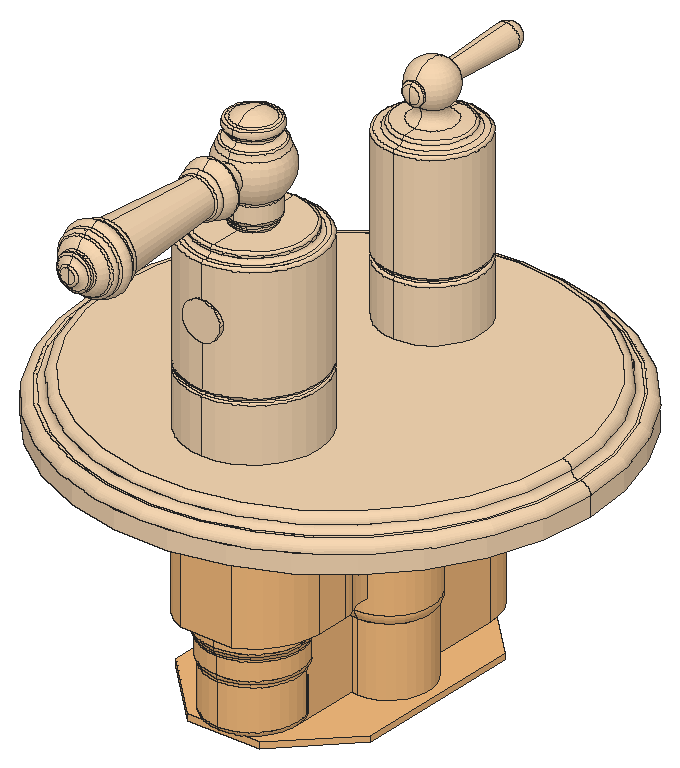
Revit family "Shower-Valve_Trim-KOHLER-Artifacts-72819W_1", category Plumbing Fixtures, host Face, Revit 2017
Family settings
  Host = Face
  Round Connector Dimension = Use Diameter
  Part Type = Normal
  OmniClass Number = 23.31.17.00
  OmniClass Title = Showers
  Cut with Voids When Loaded = No
  Shared = No
  Room Calculation Point = No
Parameters (values of type "2MB-Vibrant Brushed Moderne Brass")
  Width = 7 11/128"  # constant formula
  WaterSense Certified = 1 = 0  # no
  Waste Water Outlet = "Waste Water Outlet"  # constant formula
  Waste Connection = 1 = 0  # no
  Vent Connection = 1 = 0  # no
  URL = "https://www.kohler.co.uk/"
  Type = 1
  Tempered Water Outlet 2 = "Tempered Water Outlet 2"  # constant formula
  Tempered Water Outlet 1 = "Tempered Water Outlet 1"  # constant formula
  Product Page URL = ""
  Product Name = "Artifacts"  # constant formula
  Product Documentation Link = ""
  Pressure = 0.00 psi
  Model = if(Type = 1, "72819W-ZZ-2MB ", if(Type = 2, "72819W-ZZ-2BZ ", "NA"))  # "72819W-ZZ-2MB "
  Handle Clearance = 3 79/256"  # constant formula
  Material = "Premium Metal Construction"  # constant formula
  Master Format 2014 Name = "Residential Showers"  # constant formula
  Master Format 2014 = "22 42 23"  # constant formula
  Manufacturer Address = "Cromwell Road, Cheltenham, Gloucestershire. GL52 5EP Registered in England No. 252115"  # constant formula
  Manufacturer = "KOHLER Co."  # constant formula
  Length = 4 175/256"  # constant formula
  Hot Water Inlet = "Hot Water Inlet"  # constant formula
  Height = 7 11/128"  # constant formula
  HW Connection = 1 = 1  # yes
  Flow Rate = 0 GPM
  Finish = Kohler-Metal-2MB-Vibrant_Brushed_Moderne_Brass
  Environmental Product Declaration = ""
  Drain Included = 1 = 0  # no
  Description = "ROUND CLASSIC TH S/O TRIM & VALVE"  # constant formula
  Default Elevation = 42"
  Declare Label = ""
  Date Modified = "11/05/2020"  # constant formula
  Date Created = "11/05/2020"  # constant formula
  Copyright = "Copyright KOHLER Co."  # constant formula
  Contact Us = "https://www.kohler.co.uk/support/contact/"
  Cold Water Inlet = "Cold Water Inlet"  # constant formula
  CW Connection = 1 = 1  # yes
  Assembly Code = "D2010700"
  ADA Compliant = 1 = 0  # no
Reference planes (in)
  plane 1 "Center (Front/Back)": y = 0
  plane 2: z = 0
  plane 3 "Center (Left/Right)": x = 0
  plane 4: x = -3.54331
  plane 5: x = -0.6875
  plane 6: x = 0.6875
  plane 7: y = -0.89128
  plane 8: y = -1.53125
  plane 9: y = -4.83984
  plane 10: y = -3.54331
  plane 11: x = 3.54263
  plane 12: y = 1.625
  plane 13: y = 3.12106
  plane 14: y = 3.54263
  plane 15: z = 4.68359
  plane 16: z = 3.90554
  plane 17: z = 0.5925
  plane 18: z = 3.53544
  plane 19: z = -3.09375
Forms (in)
  Extrusion 1, void
    sketch origin (0, 0, 0) x (1, 0, 0) y (0, 1, 0)
      loop
        arc (-1.10794, 2.6033) -> (-1.51598, 2.43428) -> (-1.685, 2.02624) r 0.57706
        line (-1.685, 2.02624) -> (-1.685, -2.02517)
        arc (-1.685, -2.02517) -> (-1.51567, -2.43397) -> (-1.10687, -2.6033) r 0.57813
        line (-1.10687, -2.6033) -> (1.10687, -2.6033)
        arc (1.10687, -2.6033) -> (1.51567, -2.43397) -> (1.685, -2.02517) r 0.57813
        line (1.685, -2.02517) -> (1.685, 2.02517)
        arc (1.685, 2.02517) -> (1.51567, 2.43397) -> (1.10687, 2.6033) r 0.57813
        line (1.10687, 2.6033) -> (-1.10794, 2.6033)
    from 0 to -3.32601
Dimensions and locks (in)
  "Width": plane 4 to plane 11
  "Height": plane 10 to plane 14
  "Length": plane 15 to level
  "Handle Clearance": plane 8 to plane 9
  locked: plane 16 to level at 3.90554
  plane 17 to level = 0.5925"
  aligned and locked: plane 2 to host face
  aligned and locked: level to host face
  aligned and locked: plane 1 "Center (Front/Back)" to nested 1
Automatic sketch dimensions
  host sketch curve to host sketch curve = 96"  (x2)
  Extrusion 1 sketch curve to plane 12 = 0.40124"
  plane 5 to Extrusion 1 sketch curve = 0.9975"
  plane 5 to Extrusion 1 sketch curve = 0.42044"
  plane 5 to Extrusion 1 sketch curve = 0.41937"
  plane 6 to Extrusion 1 sketch curve = 0.41937"  (x2)
  Extrusion 1 sketch curve to Extrusion 1 sketch curve = 37/64"
  plane 8 to Extrusion 1 sketch curve = 0.49392"
Nested families (in)
  nested 1: "72819W" at (0, 0, 0), type "72819W"
Connectors (in)
  piping at (-0.6875, 0, -3.09375), diameter 0.5, driven by "Flow Rate", driven by "HW Connection", driven by "Hot Water Inlet"
    settings: on nested 1, index 1, connector inside diameter 24", connector length 0", flow factor 0, pipe flow 0 GPM, pressure drop 0.00 psi, fitting loss kfactor 0, connector angle 0.00°, fixture units 0, engagement length 0", angle of deflection 0.00°, flow configuration 0, flow direction 1, fitting loss method 0, system type 19, joint type 0, gender type 0, connector reference index -1, connector utility 1, adjustable connector no, is connector primary yes, connector description "Hot Water Inlet"
  piping at (0.6875, 0, -3.09375), diameter 0.5, driven by "Flow Rate", driven by "CW Connection", driven by "Cold Water Inlet"
    settings: on nested 1, index 2, connector inside diameter 24", connector length 0", flow factor 0, pipe flow 0 GPM, pressure drop 0.00 psi, fitting loss kfactor 0, connector angle 0.00°, fixture units 0, engagement length 0", angle of deflection 0.00°, flow configuration 0, flow direction 1, fitting loss method 0, system type 20, joint type 0, gender type 0, connector reference index -1, connector utility 1, adjustable connector no, is connector primary no, connector description "Cold Water Inlet"
  piping at (0, 1.62506, -3.09375), diameter 0.5, driven by "Flow Rate", driven by "HW Connection", driven by "Tempered Water Outlet 1"
    settings: on nested 1, index 3, connector inside diameter 24", connector length 0", flow factor 0, pipe flow 0 GPM, pressure drop 0.00 psi, fitting loss kfactor 0, connector angle 0.00°, fixture units 0, engagement length 0", angle of deflection 0.00°, flow configuration 0, flow direction 2, fitting loss method 0, system type 19, joint type 0, gender type 0, connector reference index -1, connector utility 1, adjustable connector no, is connector primary no, connector description "Tempered Water Outlet 1"
  piping at (0, -0.89128, -3.09375), diameter 0.5, driven by "Flow Rate", driven by "HW Connection", driven by "Tempered Water Outlet 2"
    settings: on nested 1, index 4, connector inside diameter 24", connector length 0", flow factor 0, pipe flow 0 GPM, pressure drop 0.00 psi, fitting loss kfactor 0, connector angle 0.00°, fixture units 0, engagement length 0", angle of deflection 0.00°, flow configuration 0, flow direction 2, fitting loss method 0, system type 19, joint type 0, gender type 0, connector reference index -1, connector utility 1, adjustable connector no, is connector primary no, connector description "Tempered Water Outlet 2"
Definition of nested family "72819W"
  Parameters (values of type "72819W")
    Material = none
  Reference planes (in)
    plane 1 "Center (Front/Back)": y = 0
    plane 2: z = 0
    plane 3 "Center (Left/Right)": x = 0
    plane 4: x = -3.54331
    plane 5: x = 3.54331
    plane 6: y = 3.54331
    plane 7: y = -3.54331
    plane 8: z = 0.5925
    plane 9: z = 3.90554
    plane 10: z = 4.68504
    plane 11: y = -1.53125
    plane 12: y = 1.625
    plane 13: y = -4.83834
    plane 14: y = 3.12106
    plane 15: z = 3.53544
    plane 16: z = -3.09375
    plane 17: x = -0.6875
    plane 18: x = 0.6875
    plane 19: y = -0.89128
  Forms (in)
    Sweep 1, solid, material <- "Material", detail levels medium+fine
      path origin (0, 0, 0) x (1, 0, 0) y (0, 1, 0)
        loop
          circle (0, 0) r 3.54336
      profile origin (0, 3.54336, 0) x (0, -1, 0) y (0, 0, 1)
        loop
          line (0.01211, 0) -> (0.60669, 0) -> (0.60669, 0.5925) -> (0.4018, 0.5925)
          arc (0.4018, 0.5925) -> (0.32124, 0.56098) -> (0.28346, 0.48316) r 0.11871
          arc (0.28346, 0.48316) -> (0.25323, 0.42088) -> (0.18876, 0.39565) r 0.095
          line (0.18876, 0.39565) -> (0.14766, 0.39565)
          arc (0.14766, 0.39565) -> (0.05181, 0.35595) -> (0.01211, 0.2601) r 0.13555
          line (0.01211, 0.2601) -> (0.01211, 0)
    Extrusion 2, solid, material <- "Material", detail levels medium+fine
      sketch origin (0, 0, 0) x (1, 0, 0) y (0, 1, 0)
        loop
          circle (0, 0) r 2.94878
      from 0 to 0.59055
    Revolve 3, solid, material <- "Material", detail levels medium+fine
      sketch origin (0, 0, 0) x (0, 1, 0) y (0, 0, 1)
        loop
          line (-1.53125, 4.59375) -> (-1.53125, 0.4743) -> (-0.625, 0.4743) -> (-0.625, 1.33838)
          arc (-0.625, 1.33838) -> (-0.63083, 1.35244) -> (-0.64489, 1.35827) r 0.01989
          line (-0.64489, 1.35827) -> (-0.71357, 1.35827) -> (-0.71357, 1.40546) -> (-0.64493, 1.40546)
          arc (-0.64493, 1.40546) -> (-0.63084, 1.4113) -> (-0.625, 1.42539) r 0.01993
          line (-0.625, 1.42539) -> (-0.625, 3.02147)
          arc (-0.625, 3.02147) -> (-0.63601, 3.04805) -> (-0.66258, 3.05906) r 0.03758
          line (-0.66258, 3.05906) -> (-0.7288, 3.05906)
          arc (-0.7288, 3.05906) -> (-0.76702, 3.07488) -> (-0.78285, 3.1131) r 0.05405
          line (-0.78285, 3.1131) -> (-0.78285, 3.14424)
          arc (-0.78285, 3.14424) -> (-0.79249, 3.16752) -> (-0.81577, 3.17717) r 0.03293
          line (-0.81577, 3.17717) -> (-1.26034, 3.17717)
          arc (-1.26034, 3.17717) -> (-1.24608, 3.18307) -> (-1.24017, 3.19734) r 0.02017
          line (-1.24017, 3.19734) -> (-1.24017, 3.23084)
          arc (-1.24017, 3.23084) -> (-1.23184, 3.26031) -> (-1.20931, 3.28105) r 0.05627
          arc (-1.20931, 3.28105) -> (-1.19571, 3.29357) -> (-1.19068, 3.31136) r 0.03397
          line (-1.19068, 3.31136) -> (-1.19068, 3.53618)
          arc (-1.19068, 3.53618) -> (-1.187, 3.55509) -> (-1.1765, 3.57125) r 0.05046
          arc (-1.1765, 3.57125) -> (-1.04544, 3.8435) -> (-1.10277, 4.14017) r 0.48059
          arc (-1.10277, 4.14017) -> (-1.1205, 4.17805) -> (-1.13252, 4.2181) r 0.2866
          arc (-1.13252, 4.2181) -> (-1.14093, 4.23175) -> (-1.15598, 4.23727) r 0.02449
          arc (-1.15598, 4.23727) -> (-1.20632, 4.25638) -> (-1.23302, 4.30315) r 0.07969
          arc (-1.23302, 4.30315) -> (-1.22772, 4.33475) -> (-1.20373, 4.35598) r 0.04802
          arc (-1.20373, 4.35598) -> (-1.18849, 4.36616) -> (-1.17854, 4.38156) r 0.04516
          arc (-1.17854, 4.38156) -> (-1.17087, 4.42738) -> (-1.18192, 4.4725) r 0.11517
          arc (-1.18192, 4.4725) -> (-1.1941, 4.48485) -> (-1.21131, 4.48696) r 0.02636
          arc (-1.21131, 4.48696) -> (-1.23395, 4.48715) -> (-1.25433, 4.49701) r 0.05157
          arc (-1.25433, 4.49701) -> (-1.38459, 4.56887) -> (-1.53125, 4.59375) r 0.44471
        axis (-1.53125, 4.59375) -> (-1.53125, 0.4743)
      angle from 0 to 360
    Revolve 4, solid, material <- "Material", detail levels medium+fine
      sketch origin (0, 0, 0) x (0, 1, 0) y (0, 0, 1)
        loop
          line (-4.8125, 3.90554) -> (-4.8125, 3.79943)
          arc (-4.8125, 3.79943) -> (-4.80706, 3.78381) -> (-4.79309, 3.77494) r 0.02515
          arc (-4.79309, 3.77494) -> (-4.74029, 3.74248) -> (-4.71742, 3.68488) r 0.09829
          arc (-4.71742, 3.68488) -> (-4.71089, 3.67087) -> (-4.69653, 3.66516) r 0.02092
          line (-4.69653, 3.66516) -> (-4.66467, 3.66516)
          arc (-4.66467, 3.66516) -> (-4.64967, 3.66092) -> (-4.63911, 3.64946) r 0.02866
          arc (-4.63911, 3.64946) -> (-4.58812, 3.58387) -> (-4.51633, 3.54206) r 0.21845
          arc (-4.51633, 3.54206) -> (-4.50309, 3.53354) -> (-4.49516, 3.51995) r 0.03371
          arc (-4.49516, 3.51995) -> (-4.46564, 3.48832) -> (-4.42258, 3.49256) r 0.04884
          arc (-4.42258, 3.49256) -> (-4.40072, 3.49612) -> (-4.38283, 3.48306) r 0.02872
          arc (-4.38283, 3.48306) -> (-4.29866, 3.43522) -> (-4.2138, 3.48181) r 0.09925
          arc (-4.2138, 3.48181) -> (-4.19527, 3.49525) -> (-4.1726, 3.49208) r 0.03058
          arc (-4.1726, 3.49208) -> (-4.13083, 3.48834) -> (-4.10097, 3.51779) r 0.0499
          arc (-4.10097, 3.51779) -> (-4.09084, 3.53127) -> (-4.07503, 3.53714) r 0.02993
          line (-4.07503, 3.53714) -> (-2.55069, 3.64373)
          arc (-2.55069, 3.64373) -> (-2.53243, 3.6393) -> (-2.52009, 3.62513) r 0.031
          arc (-2.52009, 3.62513) -> (-2.46412, 3.59631) -> (-2.42488, 3.64554) r 0.04965
          arc (-2.42488, 3.64554) -> (-2.3604, 3.56524) -> (-2.26309, 3.53149) r 0.1862
          arc (-2.26309, 3.53149) -> (-2.24777, 3.53557) -> (-2.23775, 3.54786) r 0.02571
          arc (-2.23775, 3.54786) -> (-2.12696, 3.67744) -> (-1.95951, 3.7095) r 0.25772
          arc (-1.95951, 3.7095) -> (-1.65295, 3.73811) -> (-1.39456, 3.90554) r 0.64511
          line (-1.39456, 3.90554) -> (-4.8125, 3.90554)
        axis (-1.39456, 3.90554) -> (-4.8125, 3.90554)
      angle from 0 to 360
    Revolve 5, solid, material <- "Material", detail levels medium+fine
      sketch origin (0, 0, 0) x (0, 1, 0) y (0, 0, 1)
        loop
          line (1.625, 0.55225) -> (2.3125, 0.55225) -> (2.3125, 1.32327)
          arc (2.3125, 1.32327) -> (2.30225, 1.34802) -> (2.2775, 1.35827) r 0.035
          line (2.2775, 1.35827) -> (2.2144, 1.35827) -> (2.2144, 1.40945) -> (2.29287, 1.40945)
          arc (2.29287, 1.40945) -> (2.30675, 1.4152) -> (2.3125, 1.42908) r 0.01963
          line (2.3125, 1.42908) -> (2.3125, 2.93221)
          arc (2.3125, 2.93221) -> (2.30353, 2.95641) -> (2.28094, 2.96891) r 0.03712
          line (2.28094, 2.96891) -> (2.19508, 2.98192)
          arc (2.19508, 2.98192) -> (2.16154, 2.99921) -> (2.14534, 3.03329) r 0.05899
          arc (2.14534, 3.03329) -> (2.13441, 3.05563) -> (2.11192, 3.06626) r 0.03761
          line (2.11192, 3.06626) -> (1.93293, 3.08507)
          arc (1.93293, 3.08507) -> (1.82197, 3.17321) -> (1.85475, 3.31108) r 0.13202
          arc (1.85475, 3.31108) -> (1.92349, 3.65661) -> (1.625, 3.84375) r 0.31035
          line (1.625, 3.84375) -> (1.625, 0.55225)
        axis (1.625, 3.84375) -> (1.625, 0.55225)
      angle from 0 to 360
    Revolve 6, solid, material <- "Material", detail levels medium+fine
      sketch origin (0, 0, 0) x (0, 1, 0) y (0, 0, 1)
        loop
          line (1.22663, 3.53543) -> (3.12503, 3.53543)
          arc (3.12503, 3.53543) -> (3.06506, 3.66556) -> (2.93021, 3.71399) r 0.18523
          line (2.93021, 3.71399) -> (1.90456, 3.66024) -> (1.34828, 3.67)
          arc (1.34828, 3.67) -> (1.33215, 3.66742) -> (1.31892, 3.67701) r 0.02135
          arc (1.31892, 3.67701) -> (1.30299, 3.68946) -> (1.28281, 3.68847) r 0.02899
          arc (1.28281, 3.68847) -> (1.26319, 3.67507) -> (1.25013, 3.65523) r 0.06141
          arc (1.25013, 3.65523) -> (1.23256, 3.59647) -> (1.22663, 3.53543) r 0.31705
        axis (3.12503, 3.53543) -> (1.22663, 3.53543)
      angle from 0 to 360
    Revolve 7, solid, detail levels medium+fine
      sketch origin (0, 0, 0) x (0, 1, 0) y (0, 0, 1)
        loop
          line (-1.53125, -3.02287) -> (-2.083, -3.02287)
          arc (-2.083, -3.02287) -> (-2.13423, -3.00165) -> (-2.15545, -2.95042) r 0.07245
          line (-2.15545, -2.95042) -> (-2.15545, -2.38433)
          arc (-2.15545, -2.38433) -> (-2.15935, -2.35862) -> (-2.17071, -2.33522) r 0.08665
          arc (-2.17071, -2.33522) -> (-2.18137, -2.31328) -> (-2.18503, -2.28916) r 0.08125
          line (-2.18503, -2.28916) -> (-2.18503, -2.04484)
          arc (-2.18503, -2.04484) -> (-2.1871, -2.0291) -> (-2.19317, -2.01444) r 0.06081
          line (-2.19317, -2.01444) -> (-2.2231, -1.96261)
          arc (-2.2231, -1.96261) -> (-2.23159, -1.9421) -> (-2.23449, -1.92009) r 0.08505
          line (-2.23449, -1.92009) -> (-2.23449, -1.81629)
          arc (-2.23449, -1.81629) -> (-2.25662, -1.75896) -> (-2.31153, -1.73135) r 0.08535
          line (-2.31153, -1.73135) -> (-2.31153, -0.57006)
          arc (-2.31153, -0.57006) -> (-2.27049, -0.54873) -> (-2.25403, -0.50551) r 0.06499
          line (-2.25403, -0.50551) -> (-2.25403, -0.47389)
          arc (-2.25403, -0.47389) -> (-2.26022, -0.45895) -> (-2.27517, -0.45276) r 0.02113
          line (-2.27517, -0.45276) -> (-2.35158, -0.45276)
          arc (-2.35158, -0.45276) -> (-2.3732, -0.4438) -> (-2.38216, -0.42218) r 0.03057
          line (-2.38216, -0.42218) -> (-2.38216, 0.03054) -> (-1.53125, 0.03054) -> (-1.53125, -3.02756)
        axis (-1.53125, 0.03054) -> (-1.53125, -3.02756)
      angle from 0 to 360
    Revolve 8, solid, detail levels medium+fine
      sketch origin (-0.68897, 0.0016, 0) x (0, 1, 0) y (0, 0, 1)
        loop
          line (0, -0.54405) -> (0, -3.03972) -> (0.55405, -3.03972) -> (0.55405, -2.04881)
          arc (0.55405, -2.04881) -> (0.59152, -1.98988) -> (0.60463, -1.92127) r 0.18606
          line (0.60463, -1.92127) -> (0.60463, -1.22977)
          arc (0.60463, -1.22977) -> (0.62713, -1.18548) -> (0.63488, -1.13642) r 0.15916
          line (0.63488, -1.13642) -> (0.63489, -0.62498)
          arc (0.63489, -0.62498) -> (0.61118, -0.56776) -> (0.55396, -0.54405) r 0.08093
          line (0.55396, -0.54405) -> (0, -0.54405)
        axis (0, -3.03972) -> (0, -0.54405)
      angle from 0 to 360
    Revolve 9, solid, detail levels medium+fine
      sketch origin (0.68897, 0.0016, 0) x (0, 1, 0) y (0, 0, -1)
        loop
          line (0, 0.54405) -> (0.55396, 0.54405)
          arc (0.55396, 0.54405) -> (0.61118, 0.56776) -> (0.63489, 0.62498) r 0.08093
          line (0.63489, 0.62498) -> (0.63488, 1.13642)
          arc (0.63488, 1.13642) -> (0.62713, 1.18548) -> (0.60463, 1.22977) r 0.15916
          line (0.60463, 1.22977) -> (0.60463, 1.92127)
          arc (0.60463, 1.92127) -> (0.59152, 1.98988) -> (0.55405, 2.04881) r 0.18606
          line (0.55405, 2.04881) -> (0.55405, 3.0385) -> (0, 3.0385) -> (0, 0.54405)
        axis (0, 3.0385) -> (0, 0.54405)
      angle from 0 to 360
    Extrusion 10, solid, detail levels medium+fine
      sketch origin (0, 0, 0) x (1, 0, 0) y (0, 1, 0)
        loop
          line (0.92561, -1.51625) -> (0.92561, -1.06778)
          arc (0.92561, -1.06778) -> (0.9162, -0.97656) -> (0.88838, -0.88919) r 0.44694
          arc (0.88838, -0.88919) -> (0.83885, -0.67085) -> (0.87295, -0.44957) r 0.599
          line (0.87295, -0.44957) -> (0.87295, 0.39112)
          arc (0.87295, 0.39112) -> (0.8232, 0.57143) -> (0.65834, 0.65979) r 0.23749
          line (0.65834, 0.65979) -> (0.07315, 0.71099)
          arc (0.07315, 0.71099) -> (0.00041, 0.71416) -> (-0.07233, 0.71099) r 0.83461
          line (-0.07233, 0.71099) -> (-0.65534, 0.65998)
          arc (-0.65534, 0.65998) -> (-0.80974, 0.58384) -> (-0.87213, 0.4234) r 0.23748
          line (-0.87213, 0.4234) -> (-0.87213, -0.44957)
          arc (-0.87213, -0.44957) -> (-0.83802, -0.67085) -> (-0.88755, -0.88919) r 0.599
          arc (-0.88755, -0.88919) -> (-0.91538, -0.97656) -> (-0.92478, -1.06778) r 0.44694
          line (-0.92478, -1.06778) -> (-0.92478, -1.51625)
          arc (-0.92478, -1.51625) -> (-0.77142, -2.0264) -> (-0.36218, -2.36743) r 0.9252
          line (-0.36218, -2.36743) -> (0.36301, -2.36743)
          arc (0.36301, -2.36743) -> (0.77225, -2.0264) -> (0.92561, -1.51625) r 0.9252
      from -1.73022 to -0.57006
    Extrusion 11, solid, detail levels medium+fine
      sketch origin (0, 0, 0) x (1, 0, 0) y (0, 1, 0)
        loop
          line (0.8075, 0.45624) -> (0.8075, 1.63734)
          arc (0.8075, 1.63734) -> (0.67224, 2.08461) -> (0.31178, 2.38195) r 0.80709
          line (0.31178, 2.38195) -> (-0.31096, 2.38195)
          arc (-0.31096, 2.38195) -> (-0.67141, 2.08461) -> (-0.80667, 1.63734) r 0.80709
          line (-0.80667, 1.63734) -> (-0.80667, 0.45624) -> (0.8075, 0.45624)
      from -3.01252 to -0.86614
    Extrusion 12, solid, detail levels medium+fine
      sketch origin (0, 0, 0) x (1, 0, 0) y (0, 1, 0)
        loop
          line (-1.37754, 1.18116) -> (-1.37754, -1.18104) -> (-0.50237, -2.05621) -> (0.5032, -2.05621) -> (1.37837, -1.18104) -> (1.37837, 1.18116) -> (0.48257, 2.07696) -> (-0.48174, 2.07696) -> (-1.37754, 1.18116)
      from -3.09375 to -3.01252
    Extrusion 13, solid, detail levels medium+fine
      sketch origin (0, 0, 0) x (1, 0, 0) y (0, 0, 1)
        loop
          line (-0.59014, -3.03972) -> (0.59096, -3.03972) -> (0.59096, -1.31274) -> (-0.59014, -1.31274) -> (-0.59014, -3.03972)
      from 0 to 1.51569
    Extrusion 14, solid, detail levels medium+fine
      sketch origin (0, -0.00769, 0) x (1, 0, 0) y (0, 1, 0)
        loop
          circle (-0.00038, 1.63295) r 0.68945
      from -0.86614 to 0.09843
    Extrusion 15, solid, detail levels medium+fine
      sketch origin (0, 0, 0) x (1, 0, 0) y (0, 1, 0)
        loop
          circle (0, 1.62506) r 0.19685
        loop
          circle (0.6875, 0) r 0.19685
        loop
          circle (-0.6875, 0) r 0.19685
        loop
          circle (0, -0.89128) r 0.19685
      from -3.09375 to -3.05727
    Extrusion 16, solid, material <- "Material", detail levels coarse
      sketch origin (0, 0, 0) x (1, 0, 0) y (0, 1, 0)
        loop
          circle (0, 0) r 3.53125
      from 0 to 0.59247
    Extrusion 17, solid, material <- "Material", detail levels coarse
      sketch origin (0, 0, 0) x (1, 0, 0) y (0, 1, 0)
        loop
          circle (0, -1.53125) r 0.90625
      from 0 to 4.59375
    Extrusion 18, solid, material <- "Material", detail levels coarse
      sketch origin (0, 0, 0) x (1, 0, 0) y (0, 1, 0)
        loop
          circle (0, 1.625) r 0.6875
      from 0 to 3.84375
    Extrusion 19, solid, material <- "Material", detail levels coarse
      sketch origin (0, 0, 0) x (1, 0, 0) y (0, 0, 1)
        loop
          circle (-0.00071, 3.5362) r 0.17864
      from -3.125 to -2.1378
    Extrusion 20, solid, material <- "Material", detail levels coarse
      sketch origin (0, 0, 0) x (1, 0, 0) y (0, 0, 1)
        loop
          circle (-0.00095, 3.90452) r 0.46672
      from 1.82382 to 4.83834
    Extrusion 21, solid, detail levels coarse
      sketch origin (0, 0, 0) x (1, 0, 0) y (0, 1, 0)
        loop
          line (1.37837, -1.18104) -> (1.37837, 1.18116) -> (0.79787, 1.76166)
          arc (0.79787, 1.76166) -> (0.63568, 2.13517) -> (0.31178, 2.38195) r 0.80709
          line (0.31178, 2.38195) -> (-0.31096, 2.38195)
          arc (-0.31096, 2.38195) -> (-0.63485, 2.13517) -> (-0.79704, 1.76166) r 0.80709
          line (-0.79704, 1.76166) -> (-1.37754, 1.18116) -> (-1.37754, -1.18104) -> (-0.91614, -1.64245)
          arc (-0.91614, -1.64245) -> (-0.73474, -2.07797) -> (-0.36218, -2.36743) r 0.9252
          line (-0.36218, -2.36743) -> (0.36301, -2.36743)
          arc (0.36301, -2.36743) -> (0.73557, -2.07797) -> (0.91696, -1.64245) r 0.9252
          line (0.91696, -1.64245) -> (1.37837, -1.18104)
      from -3.09375 to 0
    Extrusion 22, solid, material <- "Material", detail levels medium+fine
      sketch origin (0, 0, 0) x (1, 0, 0) y (0, 0, 1)
        loop
          circle (0.00002, 2.30909) r 0.26392
      from 1.51569 to 2.45606
    Extrusion 23, solid, detail levels medium+fine
      sketch origin (0, 0, 0) x (1, 0, 0) y (0, 1, 0)
        loop
          line (-1.08004, -2.55378) -> (1.08004, -2.55378)
          arc (1.08004, -2.55378) -> (1.47227, -2.39132) -> (1.63473, -1.9991) r 0.55469
          line (1.63473, -1.9991) -> (1.63473, 1.99769)
          arc (1.63473, 1.99769) -> (1.47186, 2.39091) -> (1.07864, 2.55378) r 0.5561
          line (1.07864, 2.55378) -> (-1.08004, 2.55378)
          arc (-1.08004, 2.55378) -> (-1.47227, 2.39132) -> (-1.63473, 1.9991) r 0.55469
          line (-1.63473, 1.9991) -> (-1.63473, -1.9991)
          arc (-1.63473, -1.9991) -> (-1.47227, -2.39132) -> (-1.08004, -2.55378) r 0.55469
      from -0.08678 to 0
  Cuts and joins
    joined: Sweep 1, Extrusion 2, Revolve 3, Revolve 4, Revolve 5, Extrusion 22
    joined: Revolve 8, Revolve 9, Extrusion 10, Extrusion 11, Extrusion 12, Extrusion 13, Extrusion 14, Extrusion 23
    joined: Extrusion 16, Extrusion 17, Extrusion 18, Extrusion 19, Extrusion 20
  Lines and regions (in)
    Masking region 1
      outline origin (0, 0, 0) x (0, 1, 0) y (0, 0, 1)
        loop
          arc (-0.625, 1.33838) -> (-0.63083, 1.35244) -> (-0.64489, 1.35827) r 0.01989
          line (-0.64489, 1.35827) -> (-0.71357, 1.35827) -> (-0.71357, 1.40546) -> (-0.64493, 1.40546)
          arc (-0.64493, 1.40546) -> (-0.63084, 1.4113) -> (-0.625, 1.42539) r 0.01993
          line (-0.625, 1.42539) -> (-0.625, 3.02147)
          arc (-0.625, 3.02147) -> (-0.63601, 3.04805) -> (-0.66258, 3.05906) r 0.03758
          line (-0.66258, 3.05906) -> (-0.7288, 3.05906)
          arc (-0.7288, 3.05906) -> (-0.76702, 3.07488) -> (-0.78285, 3.1131) r 0.05405
          line (-0.78285, 3.1131) -> (-0.78285, 3.14424)
          arc (-0.78285, 3.14424) -> (-0.79249, 3.16752) -> (-0.81577, 3.17717) r 0.03293
          line (-0.81577, 3.17717) -> (-1.26034, 3.17717)
          arc (-1.26034, 3.17717) -> (-1.24608, 3.18307) -> (-1.24017, 3.19734) r 0.02017
          line (-1.24017, 3.19734) -> (-1.24017, 3.23084)
          arc (-1.24017, 3.23084) -> (-1.23184, 3.26031) -> (-1.20931, 3.28105) r 0.05627
          arc (-1.20931, 3.28105) -> (-1.19571, 3.29357) -> (-1.19068, 3.31136) r 0.03397
          line (-1.19068, 3.31136) -> (-1.19068, 3.53618)
          arc (-1.19068, 3.53618) -> (-1.187, 3.55509) -> (-1.1765, 3.57125) r 0.05046
          arc (-1.1765, 3.57125) -> (-1.04544, 3.8435) -> (-1.10277, 4.14017) r 0.48059
          arc (-1.10277, 4.14017) -> (-1.1205, 4.17805) -> (-1.13252, 4.2181) r 0.2866
          arc (-1.13252, 4.2181) -> (-1.14093, 4.23175) -> (-1.15598, 4.23727) r 0.02449
          arc (-1.15598, 4.23727) -> (-1.20632, 4.25638) -> (-1.23302, 4.30315) r 0.07969
          arc (-1.23302, 4.30315) -> (-1.22772, 4.33475) -> (-1.20373, 4.35598) r 0.04802
          arc (-1.20373, 4.35598) -> (-1.18849, 4.36616) -> (-1.17854, 4.38156) r 0.04516
          arc (-1.17854, 4.38156) -> (-1.17083, 4.42627) -> (-1.18099, 4.47048) r 0.11517
          arc (-1.18099, 4.47048) -> (-1.19517, 4.48373) -> (-1.2144, 4.48639) r 0.03214
          arc (-1.2144, 4.48639) -> (-1.24138, 4.49072) -> (-1.26012, 4.51061) r 0.0424
          arc (-1.26012, 4.51061) -> (-1.37005, 4.63766) -> (-1.53125, 4.68504) r 0.29793
          arc (-1.53125, 4.68504) -> (-1.69219, 4.63783) -> (-1.80213, 4.51116) r 0.29793
          arc (-1.80213, 4.51116) -> (-1.82109, 4.491) -> (-1.84839, 4.48644) r 0.04331
          arc (-1.84839, 4.48644) -> (-1.86846, 4.48311) -> (-1.88245, 4.46834) r 0.03194
          arc (-1.88245, 4.46834) -> (-1.89169, 4.4251) -> (-1.88396, 4.38156) r 0.11517
          arc (-1.88396, 4.38156) -> (-1.87401, 4.36616) -> (-1.85877, 4.35598) r 0.04516
          arc (-1.85877, 4.35598) -> (-1.83478, 4.33475) -> (-1.82948, 4.30315) r 0.04802
          arc (-1.82948, 4.30315) -> (-1.85618, 4.25638) -> (-1.90652, 4.23727) r 0.07969
          arc (-1.90652, 4.23727) -> (-1.92157, 4.23175) -> (-1.92998, 4.2181) r 0.02449
          arc (-1.92998, 4.2181) -> (-1.942, 4.17805) -> (-1.95973, 4.14017) r 0.2866
          arc (-1.95973, 4.14017) -> (-1.9704, 4.12001) -> (-1.98011, 4.09936) r 0.48059
          arc (-1.98011, 4.09936) -> (-2.13581, 4.13903) -> (-2.23775, 4.26323) r 0.25772
          arc (-2.23775, 4.26323) -> (-2.24777, 4.27552) -> (-2.26309, 4.2796) r 0.02571
          arc (-2.26309, 4.2796) -> (-2.3604, 4.24585) -> (-2.42488, 4.16555) r 0.1862
          arc (-2.42488, 4.16555) -> (-2.46412, 4.21478) -> (-2.52009, 4.18596) r 0.04965
          arc (-2.52009, 4.18596) -> (-2.53243, 4.17179) -> (-2.55069, 4.16736) r 0.031
          line (-2.55069, 4.16736) -> (-4.07503, 4.27395)
          arc (-4.07503, 4.27395) -> (-4.09084, 4.27982) -> (-4.10097, 4.2933) r 0.02993
          arc (-4.10097, 4.2933) -> (-4.13083, 4.32274) -> (-4.1726, 4.31901) r 0.0499
          arc (-4.1726, 4.31901) -> (-4.19527, 4.31583) -> (-4.2138, 4.32928) r 0.03058
          arc (-4.2138, 4.32928) -> (-4.29866, 4.37587) -> (-4.38283, 4.32803) r 0.09925
          arc (-4.38283, 4.32803) -> (-4.40072, 4.31497) -> (-4.42258, 4.31853) r 0.02872
          arc (-4.42258, 4.31853) -> (-4.46564, 4.32276) -> (-4.49516, 4.29114) r 0.04884
          arc (-4.49516, 4.29114) -> (-4.50309, 4.27754) -> (-4.51633, 4.26903) r 0.03371
          arc (-4.51633, 4.26903) -> (-4.58812, 4.22722) -> (-4.63911, 4.16162) r 0.21845
          arc (-4.63911, 4.16162) -> (-4.64967, 4.15016) -> (-4.66467, 4.14593) r 0.02866
          line (-4.66467, 4.14593) -> (-4.69653, 4.14593)
          arc (-4.69653, 4.14593) -> (-4.71089, 4.14022) -> (-4.71742, 4.12621) r 0.02092
          arc (-4.71742, 4.12621) -> (-4.74712, 4.06127) -> (-4.81294, 4.03358) r 0.09829
          arc (-4.81294, 4.03358) -> (-4.83094, 4.0257) -> (-4.83834, 4.0075) r 0.02609
          line (-4.83834, 4.0075) -> (-4.83834, 3.80434)
          arc (-4.83834, 3.80434) -> (-4.83078, 3.78565) -> (-4.81235, 3.77749) r 0.02686
          arc (-4.81235, 3.77749) -> (-4.74691, 3.74961) -> (-4.71742, 3.68488) r 0.09829
          arc (-4.71742, 3.68488) -> (-4.71089, 3.67087) -> (-4.69653, 3.66516) r 0.02092
          line (-4.69653, 3.66516) -> (-4.66467, 3.66516)
          arc (-4.66467, 3.66516) -> (-4.64967, 3.66092) -> (-4.63911, 3.64946) r 0.02866
          arc (-4.63911, 3.64946) -> (-4.58812, 3.58387) -> (-4.51633, 3.54206) r 0.21845
          arc (-4.51633, 3.54206) -> (-4.50309, 3.53354) -> (-4.49516, 3.51995) r 0.03371
          arc (-4.49516, 3.51995) -> (-4.46564, 3.48832) -> (-4.42258, 3.49256) r 0.04884
          arc (-4.42258, 3.49256) -> (-4.40072, 3.49612) -> (-4.38283, 3.48306) r 0.02872
          arc (-4.38283, 3.48306) -> (-4.29866, 3.43522) -> (-4.2138, 3.48181) r 0.09925
          arc (-4.2138, 3.48181) -> (-4.19527, 3.49525) -> (-4.1726, 3.49208) r 0.03058
          arc (-4.1726, 3.49208) -> (-4.13083, 3.48834) -> (-4.10097, 3.51779) r 0.0499
          arc (-4.10097, 3.51779) -> (-4.09084, 3.53127) -> (-4.07503, 3.53714) r 0.02993
          line (-4.07503, 3.53714) -> (-2.55069, 3.64373)
          arc (-2.55069, 3.64373) -> (-2.53243, 3.6393) -> (-2.52009, 3.62513) r 0.031
          arc (-2.52009, 3.62513) -> (-2.46412, 3.59631) -> (-2.42488, 3.64554) r 0.04965
          arc (-2.42488, 3.64554) -> (-2.3604, 3.56524) -> (-2.26309, 3.53149) r 0.1862
          arc (-2.26309, 3.53149) -> (-2.24777, 3.53557) -> (-2.23775, 3.54786) r 0.02571
          arc (-2.23775, 3.54786) -> (-2.13591, 3.67199) -> (-1.98036, 3.71174) r 0.25772
          arc (-1.98036, 3.71174) -> (-1.93941, 3.63731) -> (-1.886, 3.57125) r 0.48059
          arc (-1.886, 3.57125) -> (-1.8755, 3.55509) -> (-1.87182, 3.53618) r 0.05046
          line (-1.87182, 3.53618) -> (-1.87182, 3.31136)
          arc (-1.87182, 3.31136) -> (-1.86679, 3.29357) -> (-1.85319, 3.28105) r 0.03397
          arc (-1.85319, 3.28105) -> (-1.83066, 3.26031) -> (-1.82233, 3.23084) r 0.05627
          line (-1.82233, 3.23084) -> (-1.82233, 3.19734)
          arc (-1.82233, 3.19734) -> (-1.81642, 3.18307) -> (-1.80216, 3.17717) r 0.02017
          line (-1.80216, 3.17717) -> (-2.24673, 3.17717)
          arc (-2.24673, 3.17717) -> (-2.27001, 3.16752) -> (-2.27965, 3.14424) r 0.03293
          line (-2.27965, 3.14424) -> (-2.27965, 3.1131)
          arc (-2.27965, 3.1131) -> (-2.29548, 3.07488) -> (-2.3337, 3.05906) r 0.05405
          line (-2.3337, 3.05906) -> (-2.39992, 3.05906)
          arc (-2.39992, 3.05906) -> (-2.42649, 3.04805) -> (-2.4375, 3.02147) r 0.03758
          line (-2.4375, 3.02147) -> (-2.4375, 2.59952) -> (-2.45606, 2.57301) -> (-2.45606, 2.04517) -> (-2.4375, 2.01866) -> (-2.4375, 1.42539)
          arc (-2.4375, 1.42539) -> (-2.43166, 1.4113) -> (-2.41757, 1.40546) r 0.01993
          line (-2.41757, 1.40546) -> (-2.34893, 1.40546) -> (-2.34893, 1.35827) -> (-2.41761, 1.35827)
          arc (-2.41761, 1.35827) -> (-2.43167, 1.35244) -> (-2.4375, 1.33838) r 0.01989
          line (-2.4375, 1.33838) -> (-2.4375, 0.5925) -> (-3.15362, 0.5925)
          arc (-3.15362, 0.5925) -> (-3.23418, 0.56098) -> (-3.27196, 0.48316) r 0.11871
          arc (-3.27196, 0.48316) -> (-3.30219, 0.42088) -> (-3.36666, 0.39565) r 0.095
          line (-3.36666, 0.39565) -> (-3.40776, 0.39565)
          arc (-3.40776, 0.39565) -> (-3.50361, 0.35595) -> (-3.54331, 0.2601) r 0.13555
          line (-3.54331, 0.2601) -> (-3.54331, 0) -> (3.54331, 0) -> (3.54331, 0.2601)
          arc (3.54331, 0.2601) -> (3.50361, 0.35595) -> (3.40776, 0.39565) r 0.13555
          line (3.40776, 0.39565) -> (3.36666, 0.39565)
          arc (3.36666, 0.39565) -> (3.30219, 0.42088) -> (3.27196, 0.48316) r 0.095
          arc (3.27196, 0.48316) -> (3.23418, 0.56098) -> (3.15362, 0.5925) r 0.11871
          line (3.15362, 0.5925) -> (2.3125, 0.5925) -> (2.3125, 1.32327)
          arc (2.3125, 1.32327) -> (2.30225, 1.34802) -> (2.2775, 1.35827) r 0.035
          line (2.2775, 1.35827) -> (2.2144, 1.35827) -> (2.2144, 1.40945) -> (2.29287, 1.40945)
          arc (2.29287, 1.40945) -> (2.30675, 1.4152) -> (2.3125, 1.42908) r 0.01963
          line (2.3125, 1.42908) -> (2.3125, 2.93221)
          arc (2.3125, 2.93221) -> (2.30353, 2.95641) -> (2.28094, 2.96891) r 0.03712
          line (2.28094, 2.96891) -> (2.19508, 2.98192)
          arc (2.19508, 2.98192) -> (2.16154, 2.99921) -> (2.14534, 3.03329) r 0.05899
          arc (2.14534, 3.03329) -> (2.13441, 3.05563) -> (2.11192, 3.06626) r 0.03761
          line (2.11192, 3.06626) -> (1.93293, 3.08507)
          arc (1.93293, 3.08507) -> (1.82197, 3.17321) -> (1.85475, 3.31108) r 0.13202
          arc (1.85475, 3.31108) -> (1.89376, 3.35705) -> (1.92325, 3.40965) r 0.31342
          line (1.92325, 3.40965) -> (2.93021, 3.35688)
          arc (2.93021, 3.35688) -> (3.06974, 3.40975) -> (3.125, 3.54835) r 0.18521
          arc (3.125, 3.54835) -> (3.06414, 3.67413) -> (2.93021, 3.71399) r 0.17311
          line (2.93021, 3.71399) -> (1.92365, 3.66124)
          arc (1.92365, 3.66124) -> (1.80173, 3.79734) -> (1.625, 3.84375) r 0.31766
          arc (1.625, 3.84375) -> (1.45134, 3.8001) -> (1.32971, 3.66868) r 0.31426
          arc (1.32971, 3.66868) -> (1.31047, 3.68855) -> (1.28281, 3.68847) r 0.03534
          arc (1.28281, 3.68847) -> (1.26319, 3.67507) -> (1.25013, 3.65523) r 0.06141
          arc (1.25013, 3.65523) -> (1.23256, 3.59647) -> (1.22663, 3.53543) r 0.31705
          arc (1.22663, 3.53543) -> (1.23256, 3.47439) -> (1.25013, 3.41564) r 0.31705
          arc (1.25013, 3.41564) -> (1.26319, 3.3958) -> (1.28281, 3.38239) r 0.06141
          arc (1.28281, 3.38239) -> (1.31087, 3.3828) -> (1.32933, 3.40395) r 0.03447
          arc (1.32933, 3.40395) -> (1.35804, 3.35449) -> (1.39525, 3.31108) r 0.31342
          arc (1.39525, 3.31108) -> (1.42803, 3.17321) -> (1.31707, 3.08507) r 0.13202
          line (1.31707, 3.08507) -> (1.13808, 3.06626)
          arc (1.13808, 3.06626) -> (1.11559, 3.05563) -> (1.10466, 3.03329) r 0.03761
          arc (1.10466, 3.03329) -> (1.08846, 2.99921) -> (1.05492, 2.98192) r 0.05899
          line (1.05492, 2.98192) -> (0.96906, 2.96891)
          arc (0.96906, 2.96891) -> (0.94647, 2.95641) -> (0.9375, 2.93221) r 0.03712
          line (0.9375, 2.93221) -> (0.9375, 1.42908)
          arc (0.9375, 1.42908) -> (0.94325, 1.4152) -> (0.95713, 1.40945) r 0.01963
          line (0.95713, 1.40945) -> (1.0356, 1.40945) -> (1.0356, 1.35827) -> (0.9725, 1.35827)
          arc (0.9725, 1.35827) -> (0.94775, 1.34802) -> (0.9375, 1.32327) r 0.035
          line (0.9375, 1.32327) -> (0.9375, 0.5925) -> (-0.625, 0.5925) -> (-0.625, 1.33838)
    Masking region 2
      outline origin (0, 0, 0) x (0, 1, 0) y (0, 0, 1)
        loop
          arc (-2.38216, -0.42218) -> (-2.3732, -0.4438) -> (-2.35158, -0.45276) r 0.03057
          line (-2.35158, -0.45276) -> (-2.27517, -0.45276)
          arc (-2.27517, -0.45276) -> (-2.26022, -0.45895) -> (-2.25403, -0.47389) r 0.02113
          line (-2.25403, -0.47389) -> (-2.25403, -0.50551)
          arc (-2.25403, -0.50551) -> (-2.27049, -0.54873) -> (-2.31153, -0.57006) r 0.06499
          line (-2.31153, -0.57006) -> (-2.36743, -0.57006) -> (-2.36743, -1.73135) -> (-2.31153, -1.73135)
          arc (-2.31153, -1.73135) -> (-2.25662, -1.75896) -> (-2.23449, -1.81629) r 0.08535
          line (-2.23449, -1.81629) -> (-2.23449, -1.92009)
          arc (-2.23449, -1.92009) -> (-2.23159, -1.9421) -> (-2.2231, -1.96261) r 0.08505
          line (-2.2231, -1.96261) -> (-2.19317, -2.01444)
          arc (-2.19317, -2.01444) -> (-2.1871, -2.0291) -> (-2.18503, -2.04484) r 0.06081
          line (-2.18503, -2.04484) -> (-2.18503, -2.28916)
          arc (-2.18503, -2.28916) -> (-2.18137, -2.31328) -> (-2.17071, -2.33522) r 0.08125
          arc (-2.17071, -2.33522) -> (-2.15935, -2.35862) -> (-2.15545, -2.38433) r 0.08665
          line (-2.15545, -2.38433) -> (-2.15545, -2.95083)
          arc (-2.15545, -2.95083) -> (-2.13666, -2.99951) -> (-2.09003, -3.02294) r 0.07245
          line (-2.09003, -3.02294) -> (-2.05621, -3.02294) -> (-2.05621, -3.09375) -> (2.07696, -3.09375) -> (2.07696, -3.02306) -> (2.38195, -3.02306) -> (2.38195, -0.86614) -> (2.3125, -0.86614) -> (2.3125, -0.08678) -> (2.55378, -0.08678) -> (2.55378, 0) -> (-2.55378, 0) -> (-2.55378, -0.08678) -> (-2.38216, -0.08678) -> (-2.38216, -0.42218)
        loop
          line (0.9375, -0.08678) -> (-0.68034, -0.08678) -> (-0.68034, -0.42218)
          arc (-0.68034, -0.42218) -> (-0.6893, -0.4438) -> (-0.71092, -0.45276) r 0.03057
          line (-0.71092, -0.45276) -> (-0.78733, -0.45276)
          arc (-0.78733, -0.45276) -> (-0.80228, -0.45895) -> (-0.80847, -0.47389) r 0.02113
          line (-0.80847, -0.47389) -> (-0.80847, -0.50551)
          arc (-0.80847, -0.50551) -> (-0.79201, -0.54873) -> (-0.75097, -0.57006) r 0.06499
          line (-0.75097, -0.57006) -> (-0.615, -0.57006)
          arc (-0.615, -0.57006) -> (-0.588, -0.55084) -> (-0.55556, -0.54405) r 0.08093
          line (-0.55556, -0.54405) -> (0.55556, -0.54405)
          arc (0.55556, -0.54405) -> (0.588, -0.55084) -> (0.615, -0.57006) r 0.08093
          line (0.615, -0.57006) -> (0.71576, -0.57006) -> (0.71576, -0.86614) -> (0.9375, -0.86614) -> (0.9375, -0.08678)
    Masking region 3
      outline origin (0, 0, 0) x (1, 0, 0) y (0, 0, 1)
        loop
          arc (0.90625, 1.33652) -> (0.90042, 1.35058) -> (0.88636, 1.35641) r 0.01989
          line (0.88636, 1.35641) -> (0.81768, 1.35641) -> (0.81768, 1.4036) -> (0.88632, 1.4036)
          arc (0.88632, 1.4036) -> (0.90041, 1.40944) -> (0.90625, 1.42354) r 0.01993
          line (0.90625, 1.42354) -> (0.90625, 3.01961)
          arc (0.90625, 3.01961) -> (0.89524, 3.04619) -> (0.86867, 3.0572) r 0.03758
          line (0.86867, 3.0572) -> (0.80245, 3.0572)
          arc (0.80245, 3.0572) -> (0.76423, 3.07303) -> (0.7484, 3.11124) r 0.05405
          line (0.7484, 3.11124) -> (0.7484, 3.14238)
          arc (0.7484, 3.14238) -> (0.73876, 3.16566) -> (0.71548, 3.17531) r 0.03293
          line (0.71548, 3.17531) -> (0.27091, 3.17531)
          arc (0.27091, 3.17531) -> (0.28517, 3.18122) -> (0.29108, 3.19548) r 0.02017
          line (0.29108, 3.19548) -> (0.29108, 3.22899)
          arc (0.29108, 3.22899) -> (0.29941, 3.25845) -> (0.32194, 3.27919) r 0.05627
          arc (0.32194, 3.27919) -> (0.33554, 3.29171) -> (0.34057, 3.3095) r 0.03397
          line (0.34057, 3.3095) -> (0.34057, 3.53432)
          arc (0.34057, 3.53432) -> (0.34425, 3.55324) -> (0.35475, 3.56939) r 0.05046
          arc (0.35475, 3.56939) -> (0.48581, 3.84164) -> (0.42848, 4.13831) r 0.48059
          arc (0.42848, 4.13831) -> (0.41075, 4.17619) -> (0.39873, 4.21624) r 0.2866
          arc (0.39873, 4.21624) -> (0.39032, 4.22989) -> (0.37527, 4.23542) r 0.02449
          arc (0.37527, 4.23542) -> (0.32493, 4.25453) -> (0.29823, 4.30129) r 0.07969
          arc (0.29823, 4.30129) -> (0.30353, 4.33289) -> (0.32752, 4.35413) r 0.04802
          arc (0.32752, 4.35413) -> (0.34276, 4.36431) -> (0.35271, 4.3797) r 0.04516
          arc (0.35271, 4.3797) -> (0.36042, 4.42441) -> (0.35026, 4.46862) r 0.11517
          arc (0.35026, 4.46862) -> (0.33807, 4.48237) -> (0.32024, 4.48678) r 0.03093
          arc (0.32024, 4.48678) -> (0.28945, 4.49416) -> (0.26793, 4.51739) r 0.05457
          arc (0.26793, 4.51739) -> (0.15803, 4.63967) -> (0, 4.68504) r 0.29793
          arc (0, 4.68504) -> (-0.15803, 4.63967) -> (-0.26793, 4.51739) r 0.29793
          arc (-0.26793, 4.51739) -> (-0.28945, 4.49416) -> (-0.32024, 4.48678) r 0.05457
          arc (-0.32024, 4.48678) -> (-0.33807, 4.48237) -> (-0.35026, 4.46862) r 0.03093
          arc (-0.35026, 4.46862) -> (-0.36042, 4.42441) -> (-0.35271, 4.3797) r 0.11517
          arc (-0.35271, 4.3797) -> (-0.34276, 4.36431) -> (-0.32752, 4.35413) r 0.04516
          arc (-0.32752, 4.35413) -> (-0.30353, 4.33289) -> (-0.29823, 4.30129) r 0.04802
          arc (-0.29823, 4.30129) -> (-0.32493, 4.25453) -> (-0.37527, 4.23542) r 0.07969
          arc (-0.37527, 4.23542) -> (-0.39032, 4.22989) -> (-0.39873, 4.21624) r 0.02449
          arc (-0.39873, 4.21624) -> (-0.41075, 4.17619) -> (-0.42848, 4.13831) r 0.2866
          arc (-0.42848, 4.13831) -> (-0.48581, 3.84164) -> (-0.35475, 3.56939) r 0.48059
          arc (-0.35475, 3.56939) -> (-0.34425, 3.55324) -> (-0.34057, 3.53432) r 0.05046
          line (-0.34057, 3.53432) -> (-0.34057, 3.3095)
          arc (-0.34057, 3.3095) -> (-0.33554, 3.29171) -> (-0.32194, 3.27919) r 0.03397
          arc (-0.32194, 3.27919) -> (-0.29941, 3.25845) -> (-0.29108, 3.22899) r 0.05627
          line (-0.29108, 3.22899) -> (-0.29108, 3.19548)
          arc (-0.29108, 3.19548) -> (-0.28517, 3.18122) -> (-0.27091, 3.17531) r 0.02017
          line (-0.27091, 3.17531) -> (-0.71548, 3.17531)
          arc (-0.71548, 3.17531) -> (-0.73876, 3.16566) -> (-0.7484, 3.14238) r 0.03293
          line (-0.7484, 3.14238) -> (-0.7484, 3.11124)
          arc (-0.7484, 3.11124) -> (-0.76423, 3.07303) -> (-0.80245, 3.0572) r 0.05405
          line (-0.80245, 3.0572) -> (-0.86867, 3.0572)
          arc (-0.86867, 3.0572) -> (-0.89524, 3.04619) -> (-0.90625, 3.01961) r 0.03758
          line (-0.90625, 3.01961) -> (-0.90625, 1.42354)
          arc (-0.90625, 1.42354) -> (-0.90041, 1.40944) -> (-0.88632, 1.4036) r 0.01993
          line (-0.88632, 1.4036) -> (-0.81768, 1.4036) -> (-0.81768, 1.35641) -> (-0.88636, 1.35641)
          arc (-0.88636, 1.35641) -> (-0.90042, 1.35058) -> (-0.90625, 1.33652) r 0.01989
          line (-0.90625, 1.33652) -> (-0.90625, 0.59247) -> (-3.15362, 0.59247)
          arc (-3.15362, 0.59247) -> (-3.23418, 0.56094) -> (-3.27196, 0.48312) r 0.11871
          arc (-3.27196, 0.48312) -> (-3.30219, 0.42084) -> (-3.36666, 0.39561) r 0.095
          line (-3.36666, 0.39561) -> (-3.40776, 0.39561)
          arc (-3.40776, 0.39561) -> (-3.50361, 0.35591) -> (-3.54331, 0.26006) r 0.13555
          line (-3.54331, 0.26006) -> (-3.54331, -0.00004) -> (3.54331, -0.00004) -> (3.54331, 0.26006)
          arc (3.54331, 0.26006) -> (3.50361, 0.35591) -> (3.40776, 0.39561) r 0.13555
          line (3.40776, 0.39561) -> (3.36666, 0.39561)
          arc (3.36666, 0.39561) -> (3.30219, 0.42084) -> (3.27196, 0.48312) r 0.095
          arc (3.27196, 0.48312) -> (3.23418, 0.56094) -> (3.15362, 0.59247) r 0.11871
          line (3.15362, 0.59247) -> (0.90625, 0.59247) -> (0.90625, 1.33652)
    Masking region 4, detail levels medium+fine
      outline origin (0, 0, 0) x (1, 0, 0) y (0, 0, 1)
        loop
          arc (0.73605, -0.54415) -> (0.72633, -0.52782) -> (0.72294, -0.50911) r 0.05337
          line (0.72294, -0.50911) -> (0.72294, -0.47248)
          arc (0.72294, -0.47248) -> (0.72868, -0.45864) -> (0.74252, -0.4529) r 0.01958
          line (0.74252, -0.4529) -> (0.81948, -0.4529)
          arc (0.81948, -0.4529) -> (0.84181, -0.44365) -> (0.85107, -0.42131) r 0.03159
          line (0.85107, -0.42131) -> (0.85107, -0.08678) -> (1.63473, -0.08678) -> (1.63473, -0.00004) -> (-1.63473, -0.00004) -> (-1.63473, -0.08678) -> (-0.85107, -0.08678) -> (-0.85107, -0.42131)
          arc (-0.85107, -0.42131) -> (-0.84181, -0.44365) -> (-0.81948, -0.4529) r 0.03159
          line (-0.81948, -0.4529) -> (-0.74252, -0.4529)
          arc (-0.74252, -0.4529) -> (-0.72868, -0.45864) -> (-0.72294, -0.47248) r 0.01958
          line (-0.72294, -0.47248) -> (-0.72294, -0.50911)
          arc (-0.72294, -0.50911) -> (-0.72633, -0.52782) -> (-0.73605, -0.54415) r 0.05337
          line (-0.73605, -0.54415) -> (-1.24293, -0.54415)
          arc (-1.24293, -0.54415) -> (-1.30016, -0.56785) -> (-1.32386, -0.62508) r 0.08093
          line (-1.32386, -0.62508) -> (-1.32385, -1.13651)
          arc (-1.32385, -1.13651) -> (-1.3161, -1.18557) -> (-1.2936, -1.22986) r 0.15916
          line (-1.2936, -1.22986) -> (-1.29361, -1.92137)
          arc (-1.29361, -1.92137) -> (-1.2805, -1.98997) -> (-1.24302, -2.0489) r 0.18606
          line (-1.24302, -2.0489) -> (-1.24302, -3.01252) -> (-1.37754, -3.01252) -> (-1.37754, -3.09375) -> (1.37837, -3.09375) -> (1.37837, -3.01252) -> (1.24302, -3.01252) -> (1.24302, -2.0489)
          arc (1.24302, -2.0489) -> (1.2805, -1.98997) -> (1.29361, -1.92137) r 0.18606
          line (1.29361, -1.92137) -> (1.2936, -1.22986)
          arc (1.2936, -1.22986) -> (1.3161, -1.18557) -> (1.32385, -1.13651) r 0.15916
          line (1.32385, -1.13651) -> (1.32386, -0.62508)
          arc (1.32386, -0.62508) -> (1.30016, -0.56785) -> (1.24293, -0.54415) r 0.08093
          line (1.24293, -0.54415) -> (0.73605, -0.54415)
    Masking region 5
      outline origin (0, 0, 0) x (1, 0, 0) y (0, 1, 0)
        loop
          arc (0.10121, -4.83834) -> (0.11989, -4.83078) -> (0.12805, -4.81235) r 0.02686
          arc (0.12805, -4.81235) -> (0.15594, -4.74691) -> (0.22066, -4.71741) r 0.09829
          arc (0.22066, -4.71741) -> (0.23467, -4.71089) -> (0.24038, -4.69653) r 0.02092
          line (0.24038, -4.69653) -> (0.24038, -4.66467)
          arc (0.24038, -4.66467) -> (0.24462, -4.64967) -> (0.25608, -4.63911) r 0.02866
          arc (0.25608, -4.63911) -> (0.32167, -4.58812) -> (0.36349, -4.51633) r 0.21845
          arc (0.36349, -4.51633) -> (0.372, -4.50309) -> (0.3856, -4.49516) r 0.03371
          arc (0.3856, -4.49516) -> (0.41722, -4.46564) -> (0.41298, -4.42258) r 0.04884
          arc (0.41298, -4.42258) -> (0.40943, -4.40072) -> (0.42248, -4.38283) r 0.02872
          arc (0.42248, -4.38283) -> (0.47032, -4.29866) -> (0.42374, -4.2138) r 0.09925
          arc (0.42374, -4.2138) -> (0.41029, -4.19527) -> (0.41347, -4.1726) r 0.03058
          arc (0.41347, -4.1726) -> (0.4172, -4.13083) -> (0.38776, -4.10097) r 0.0499
          arc (0.38776, -4.10097) -> (0.37427, -4.09084) -> (0.36841, -4.07503) r 0.02993
          line (0.36841, -4.07503) -> (0.32931, -3.51586)
          arc (0.32931, -3.51586) -> (2.61872, -2.38176) -> (3.54331, 0) r 3.53004
          arc (3.54331, 0) -> (2.5055, 2.5055) -> (0, 3.54331) r 3.54331
          arc (0, 3.54331) -> (-2.5055, 2.5055) -> (-3.54331, 0) r 3.54331
          arc (-3.54331, 0) -> (-2.61872, -2.38176) -> (-0.32931, -3.51586) r 3.53004
          line (-0.32931, -3.51586) -> (-0.36841, -4.07503)
          arc (-0.36841, -4.07503) -> (-0.37427, -4.09084) -> (-0.38776, -4.10097) r 0.02993
          arc (-0.38776, -4.10097) -> (-0.4172, -4.13083) -> (-0.41347, -4.1726) r 0.0499
          arc (-0.41347, -4.1726) -> (-0.41029, -4.19527) -> (-0.42374, -4.2138) r 0.03058
          arc (-0.42374, -4.2138) -> (-0.47032, -4.29866) -> (-0.42248, -4.38283) r 0.09925
          arc (-0.42248, -4.38283) -> (-0.40943, -4.40072) -> (-0.41298, -4.42258) r 0.02872
          arc (-0.41298, -4.42258) -> (-0.41722, -4.46564) -> (-0.3856, -4.49516) r 0.04884
          arc (-0.3856, -4.49516) -> (-0.372, -4.50309) -> (-0.36349, -4.51633) r 0.03371
          arc (-0.36349, -4.51633) -> (-0.32167, -4.58812) -> (-0.25608, -4.63911) r 0.21845
          arc (-0.25608, -4.63911) -> (-0.24462, -4.64967) -> (-0.24038, -4.66467) r 0.02866
          line (-0.24038, -4.66467) -> (-0.24038, -4.69653)
          arc (-0.24038, -4.69653) -> (-0.23467, -4.71089) -> (-0.22066, -4.71741) r 0.02092
          arc (-0.22066, -4.71741) -> (-0.15626, -4.74658) -> (-0.12809, -4.81142) r 0.09829
          arc (-0.12809, -4.81142) -> (-0.11946, -4.83052) -> (-0.10002, -4.83834) r 0.02809
          line (-0.10002, -4.83834) -> (0.10121, -4.83834)
    symbolic lines, detail levels medium+fine
      curve 1: line (0, -2.34893, 1.35827) -> (0, -0.71357, 1.35827)
      curve 2: line (0, -2.4375, 1.33838) -> (0, -0.625, 1.33838)
      curve 3: line (0, -0.71357, 1.40546) -> (0, -2.34893, 1.40546)
      curve 4: line (0, -2.4375, 1.42539) -> (0, -0.625, 1.42539)
      curve 5: line (0, -0.625, 3.02147) -> (0, -2.4375, 3.02147)
      curve 6: line (0, -0.7288, 3.05906) -> (0, -2.3337, 3.05906)
      curve 7: line (0, -2.27965, 3.14424) -> (0, -0.78285, 3.14424)
      curve 8: line (0, -0.78285, 3.1131) -> (0, -2.27965, 3.1131)
      curve 9: line (0, -1.26034, 3.17717) -> (0, -1.80216, 3.17717)
      curve 10: line (0, -1.24017, 3.19734) -> (0, -1.82233, 3.19734)
      curve 11: line (0, -1.24017, 3.23084) -> (0, -1.82233, 3.23084)
      curve 12: line (0, -1.22475, 4.48586) -> (0, -1.83775, 4.48586)
      curve 13: line (0, -1.20373, 4.35598) -> (0, -1.85877, 4.35598)
      curve 14: line (0, -1.15598, 4.23727) -> (0, -1.90652, 4.23727)
      curve 15: arc (0, -1.98011, 4.09936) -> (0, -1.99572, 3.90556) -> (0, -1.98036, 3.71174) r 1.22084
      curve 16: line (0, -2.42488, 4.16555) -> (0, -2.42488, 3.64554)
      curve 17: line (0, -2.55069, 4.16736) -> (0, -2.55069, 3.64373)
      curve 18: line (0, -4.07503, 4.27395) -> (0, -4.07503, 3.53714)
      curve 19: line (0, -4.71742, 4.12621) -> (0, -4.71742, 3.68488)
      curve 20: line (0, -4.38283, 4.32803) -> (0, -4.38283, 3.48306)
      curve 21: line (0, -4.42258, 4.31853) -> (0, -4.42258, 3.49256)
      curve 22: line (0, -4.51633, 4.26903) -> (0, -4.51633, 3.54206)
      curve 23: line (0, -4.49516, 4.29114) -> (0, -4.49516, 3.51995)
      curve 24: line (0, -4.66467, 4.14593) -> (0, -4.66467, 3.66516)
      curve 25: line (0, -4.63911, 4.16162) -> (0, -4.63911, 3.64946)
      curve 26: line (0, -4.2138, 4.32928) -> (0, -4.2138, 3.48181)
      curve 27: line (0, -4.1726, 4.31901) -> (0, -4.1726, 3.49208)
      curve 28: line (0, -4.10097, 4.2933) -> (0, -4.10097, 3.51779)
      curve 29: line (0, -4.81294, 4.03358) -> (0, -4.81235, 3.77749)
      curve 30: line (0, -0.625, 0.5925) -> (0, -2.4375, 0.5925)
      curve 31: line (0, 0.9375, 0.5925) -> (0, 2.3125, 0.5925)
      curve 32: line (0, -3.36704, 0.39565) -> (0, 3.38405, 0.39565)
      curve 33: line (0, 3.27196, 0.48316) -> (0, -3.27196, 0.48316)
      curve 34: line (0, 3.54331, 0.2601) -> (0, -3.54331, 0.2601)
      curve 35: line (0, 2.3125, 1.32327) -> (0, 0.9375, 1.32327)
      curve 36: line (0, 2.2144, 1.35827) -> (0, 1.0356, 1.35827)
      curve 37: line (0, 2.2144, 1.40945) -> (0, 1.0356, 1.40945)
      curve 38: line (0, 2.3125, 1.42908) -> (0, 0.9375, 1.42908)
      curve 39: line (0, 2.3125, 2.93221) -> (0, 0.9375, 2.93221)
      curve 40: line (0, 1.32971, 3.66868) -> (0, 1.32933, 3.40395)
      curve 41: line (0, 1.92365, 3.66124) -> (0, 1.92325, 3.40965)
      curve 42: line (0, 2.14534, 3.03329) -> (0, 1.10466, 3.03329)
      curve 43: line (0, 2.19508, 2.98192) -> (0, 1.05492, 2.98192)
      curve 44: line (0, 1.93293, 3.08507) -> (0, 1.31707, 3.08507)
      curve 45: line (0, 1.31047, 3.6883) -> (0, 1.31047, 3.38288)
      curve 46: line (0, -0.82801, -1.81629) -> (0, -0.82801, -1.92009)
      curve 47: arc (0, -0.75097, -1.73135) -> (0, -0.80588, -1.75896) -> (0, -0.82801, -1.81629) r 0.08535
      curve 48: line (0, -0.8394, -1.96261) -> (0, -0.86933, -2.01444)
      curve 49: arc (0, -0.82801, -1.92009) -> (0, -0.83091, -1.9421) -> (0, -0.8394, -1.96261) r 0.08505
      curve 50: line (0, -0.87747, -2.04484) -> (0, -0.87747, -2.28916)
      curve 51: arc (0, -0.87747, -2.28916) -> (0, -0.88113, -2.31328) -> (0, -0.89179, -2.33522) r 0.08125
      curve 52: line (0, -0.90705, -2.38433) -> (0, -0.90705, -2.95083)
      curve 53: arc (0, -0.89179, -2.33522) -> (0, -0.90315, -2.35862) -> (0, -0.90705, -2.38433) r 0.08665
      curve 54: arc (0, -0.90705, -2.95083) -> (0, -0.92584, -2.99951) -> (0, -0.97247, -3.02294) r 0.07245
      curve 55: arc (0, -0.86933, -2.01444) -> (0, -0.8754, -2.0291) -> (0, -0.87747, -2.04484) r 0.06081
      curve 56: line (0, -0.69507, -0.57006) -> (0, -0.75097, -0.57006)
      curve 57: line (0, -1.00629, -3.02294) -> (0, -0.97247, -3.02294)
      curve 58: line (0, -2.05621, -3.02294) -> (0, 2.07696, -3.02294)
      curve 59: line (0, -0.75097, -0.57006) -> (0, -2.31153, -0.57006)
      curve 60: line (0, -0.78733, -0.45276) -> (0, -2.27517, -0.45276)
      curve 61: line (0, -0.60623, -1.73135) -> (0, -2.31153, -1.73135)
      curve 62: line (0, -0.87747, -2.04484) -> (0, -2.18503, -2.04484)
      curve 63: line (0, -0.90705, -2.38433) -> (0, -2.15545, -2.38433)
      curve 64: line (0, 0.63648, -1.13642) -> (0, 0.63648, -0.62498)
      curve 65: line (0, 0.60623, -1.92127) -> (0, 0.60623, -1.22977)
      curve 66: line (0, 0.55565, -3.02294) -> (0, 0.55565, -2.04881)
      curve 67: arc (0, 0.60623, -1.22977) -> (0, 0.62873, -1.18548) -> (0, 0.63648, -1.13642) r 0.15916
      curve 68: arc (0, 0.55565, -2.04881) -> (0, 0.59312, -1.98988) -> (0, 0.60623, -1.92127) r 0.18606
      curve 69: arc (0, 0.615, -0.57006) -> (0, 0.63092, -0.5955) -> (0, 0.63648, -0.62498) r 0.08093
      curve 70: line (0, -0.63648, -1.13642) -> (0, -0.63648, -0.62498)
      curve 71: line (0, -0.60623, -1.92127) -> (0, -0.60623, -1.22977)
      curve 72: line (0, -0.55565, -3.02294) -> (0, -0.55565, -2.04881)
      curve 73: arc (0, -0.60623, -1.22977) -> (0, -0.62873, -1.18548) -> (0, -0.63648, -1.13642) r 0.15916
      curve 74: arc (0, -0.55565, -2.04881) -> (0, -0.59312, -1.98988) -> (0, -0.60623, -1.92127) r 0.18606
      curve 75: arc (0, -0.615, -0.57006) -> (0, -0.63092, -0.5955) -> (0, -0.63648, -0.62498) r 0.08093
      curve 76: line (0, 0.60623, -1.22977) -> (0, -0.60623, -1.22977)
      curve 77: line (0, 0.55565, -2.04881) -> (0, -0.55565, -2.04881)
      curve 78: line (0, -1.18104, -3.02294) -> (0, -1.18104, -3.09375)
      curve 79: line (0, 2.31472, -0.86614) -> (0, 0.71576, -0.86614)
      curve 80: line (0, 1.18116, -3.02294) -> (0, 1.18116, -3.09375)
      curve 81: line (0, 0.71576, -0.86614) -> (0, 0.63648, -0.86614)
      curve 82: line (3.54331, 0, 0.26006) -> (-3.54331, 0, 0.26006)
      curve 83: line (3.3546, 0, 0.39561) -> (-3.3957, 0, 0.39561)
      curve 84: line (3.27196, 0, 0.48312) -> (-3.27196, 0, 0.48312)
